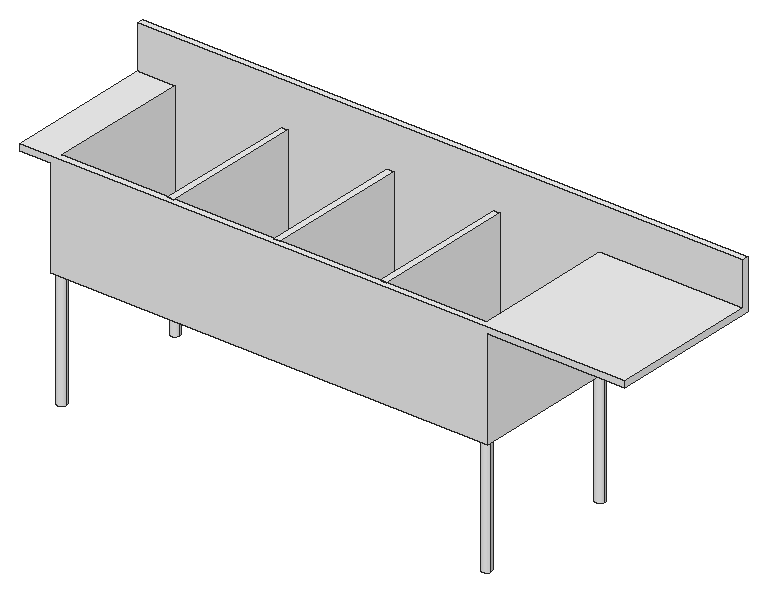
Revit family "224200 - Commercial Plumbing Fixtures - 4 Compartment Sink", category Plumbing Fixtures, Revit 2020
Family settings
  Round Connector Dimension = Use Diameter
  Part Type = Normal
  Work Plane-Based = No
  Always vertical = Yes
  Cut with Voids When Loaded = No
  Shared = No
  Room Calculation Point = No
Parameters (values of type "4 COMPARTMENT SINK")
  Width_Combined Width = 3' - 7.47182"
  Width = 2' - 1"
  Tray Length - Right = 1' - 11.13909"
  Tray Length - Left = 0' - 6"
  Material = 4 COMPARTMENT SINK
  Length = 8' - 2"
  Inset - front/back = 0' - 1"
  Height = 3' - 0"
  Default Elevation = 0' - 0"
  Backsplash Height = 0' - 7"
Reference planes (in)
  plane 1 "Center (Front/Back)": y = 0
  plane 2: z = 0
  plane 3 "Center (Left/Right)": x = 0
  plane 4: y = 25
  plane 5: x = -98
  plane 6: y = 24
  plane 7: y = 1
  plane 8: x = -22.13909
  plane 9: x = -93
  plane 10: x = -92
  plane 11: x = -23.13909
  plane 12: x = -74.78477
  plane 13: x = -40.35432
  plane 14: x = -73.78477
  plane 15: x = -39.35432
  plane 16: x = -83.39239
  plane 17: x = -31.2467
  plane 18: y = 12.5
  plane 19: z = 36
  plane 20: z = 20
  plane 21: z = 19
  plane 22: z = 43
  plane 23: x = -57.56954
  plane 24: x = -56.56954
  plane 25: x = -65.67716
  plane 26: x = -48.46193
Forms (in)
  Extrusion 1, solid, material "4 COMPARTMENT SINK" <- "Material"
    sketch origin (0.75, -11, 0) x (1, 0, 0) y (0, 1, 0)
      loop
        line (-22.88909, 36) -> (-93.75, 36) -> (-93.75, 11) -> (-22.88909, 11) -> (-22.88909, 36)
    from 19 to 36
  Extrusion 2, void
    sketch origin (0.75, -11, 0) x (1, 0, 0) y (0, 1, 0)
      loop
        line (-92.75, 35) -> (-92.75, 12) -> (-23.88909, 12) -> (-23.88909, 35) -> (-92.75, 35)
    from 20 to 36
  Extrusion 3, solid, material "4 COMPARTMENT SINK" <- "Material"
    sketch origin (-105.57325, -180, 36) x (-1, 0, 0) y (0, -1, 0)
      loop
        line (-7.57325, -180) -> (-12.57325, -180) -> (-12.57325, -204) -> (-7.57325, -204) -> (-7.57325, -180)
    from 0 to -1
  Extrusion 4, solid, material "4 COMPARTMENT SINK" <- "Material"
    sketch origin (-1.25, -11, 18) x (1, 0, 0) y (0, 1, 0)
      loop
        line (-73.53477, 35) -> (-73.53477, 12) -> (-72.53477, 12) -> (-72.53477, 35) -> (-73.53477, 35)
    from 2 to 18
  Extrusion 5, solid, material "4 COMPARTMENT SINK" <- "Material"
    sketch origin (17.5, -11, 0) x (1, 0, 0) y (0, 1, 0)
      loop
        line (-57.85432, 35) -> (-57.85432, 12) -> (-56.85432, 12) -> (-56.85432, 35) -> (-57.85432, 35)
    from 20 to 36
  Extrusion 6, solid, material "4 COMPARTMENT SINK" <- "Material"
    sketch origin (56, -11, 0) x (1, 0, 0) y (0, 1, 0)
      loop
        circle (-79.13909, 35) r 0.75
      loop
        circle (-79.13909, 12) r 0.75
      loop
        circle (-148, 12) r 0.75
      loop
        circle (-148, 35) r 0.75
    from 19 to 0
  Extrusion 7, solid, material "4 COMPARTMENT SINK" <- "Material"
    sketch origin (-105.57325, -180, 36) x (-1, 0, 0) y (0, -1, 0)
      loop
        line (-7.57325, -205) -> (-7.57325, -204) -> (-105.57325, -204) -> (-105.57325, -205) -> (-7.57325, -205)
    from -1 to 7
  Extrusion 8, void
    sketch origin (-7.22323, -11.29189, 0) x (1, 0, 0) y (0, 1, 0)
      loop
        circle (-76.16915, 23.79189) r 1.5
    from 0 to 20
  Extrusion 9, void
    sketch origin (35.30876, 35.29189, 0) x (1, 0, 0) y (0, 1, 0)
      loop
        circle (-66.55546, -22.79189) r 1.5
    from 0 to 20
  Extrusion 10, solid, material "4 COMPARTMENT SINK" <- "Material"
    sketch origin (-105.57325, -180, 36) x (-1, 0, 0) y (0, -1, 0)
      loop
        line (-82.43416, -180) -> (-105.57325, -180) -> (-105.57325, -204) -> (-82.43416, -204) -> (-82.43416, -180)
    from 0 to -1
  Extrusion 11, solid, material "4 COMPARTMENT SINK" <- "Material"
    sketch origin (14.75, -11, 0) x (1, 0, 0) y (0, 1, 0)
      loop
        line (-72.31954, 35) -> (-72.31954, 12) -> (-71.31954, 12) -> (-71.31954, 35) -> (-72.31954, 35)
    from 20 to 36
  Extrusion 12, void
    sketch origin (3.52677, -11.29189, 0) x (1, 0, 0) y (0, 1, 0)
      loop
        circle (-69.20392, 23.79189) r 1.5
    from 0 to 20
  Extrusion 13, void
    sketch origin (25.73481, 35.29189, 0) x (1, 0, 0) y (0, 1, 0)
      loop
        circle (-74.19675, -22.79189) r 1.5
    from 0 to 20
Cuts and joins
  Extrusion 2, Extrusion 8, Extrusion 9, Extrusion 12, Extrusion 13 cuts Extrusion 1
  Extrusion 12, Extrusion 13 cuts Extrusion 3
  Extrusion 12, Extrusion 13 cuts Extrusion 7
  Extrusion 12, Extrusion 13 cuts Extrusion 10
  joined: Extrusion 1, Extrusion 3, Extrusion 7, Extrusion 10
  Extrusion 13 cuts Extrusion 11
Dimensions and locks (in)
  "Width": plane 1 "Center (Front/Back)" to plane 4
  locked: Extrusion 7 sketch curve to Extrusion 7 sketch curve at 1
  "Tray Length - Left": plane 5 to plane 10
  "Tray Length - Right": plane 11 to plane 3 "Center (Left/Right)"
  "Inset - front/back": plane 7 to plane 1 "Center (Front/Back)"
  "Inset - front/back": plane 4 to plane 6
  "Inset - front/back": plane 11 to plane 8
  "Inset - front/back": plane 9 to plane 10
  equal spacing: plane 10, plane 12, plane 23, plane 13, plane 11
  plane 14 to plane 15 = 2' - 10.43046"
  "Inset - front/back": plane 12 to plane 14
  "Inset - front/back": plane 13 to plane 15
  equal spacing: plane 1 "Center (Front/Back)", plane 18, plane 4
  equal spacing: plane 10, plane 16, plane 12
  equal spacing: plane 15, plane 17, plane 11
  "Height": plane 19 to plane 2
  plane 19 to plane 20 = 1' - 4"
  "Inset - front/back": plane 20 to plane 21
  "Length": plane 5 to plane 3 "Center (Left/Right)"
  "Backsplash Height": plane 22 to plane 19
  "Inset - front/back": plane 23 to plane 24
  equal spacing: plane 14, plane 25, plane 23
  equal spacing: plane 24, plane 26, plane 13
  aligned and locked: Extrusion 3 to plane 5
  aligned and locked: Extrusion 7 to plane 5
  aligned and locked: Extrusion 7 to plane 4
  aligned and locked: plane 9 to Extrusion 3
  aligned and locked: Extrusion 1 to Extrusion 3
  aligned and locked: cut or joined group 1 (Extrusion 1, Extrusion 2, Extrusion 3, Extrusion 7, Extrusion 8, Extrusion 9, Extrusion 10, Extrusion 12, Extrusion 13) to plane 4
  aligned and locked: plane 8 to cut or joined group 1
  aligned and locked: cut or joined group 1 to plane 10
  aligned and locked: plane 6 to cut or joined group 1
  aligned and locked: plane 11 to cut or joined group 1
  aligned and locked: plane 6 to Extrusion 5
  aligned and locked: plane 6 to Extrusion 4
  aligned and locked: Extrusion 4 to plane 12
  aligned and locked: Extrusion 5 to plane 13
  aligned and locked: plane 15 to Extrusion 5
  aligned and locked: plane 16 to Extrusion 8 sketch curve
  aligned and locked: plane 17 to Extrusion 9 sketch curve
  aligned and locked: plane 18 to Extrusion 8 sketch curve
  aligned and locked: plane 18 to Extrusion 9 sketch curve
  aligned and locked: plane 6 to Extrusion 6 sketch curve
  aligned and locked: plane 11 to Extrusion 6 sketch curve
  aligned and locked: cut or joined group 1 to Extrusion 4
  aligned and locked: cut or joined group 1 to Extrusion 5
  aligned and locked: plane 19 to cut or joined group 1  (x2)
  aligned and locked: plane 19 to Extrusion 5
  aligned and locked: Extrusion 2 to plane 20
  aligned and locked: plane 20 to cut or joined group 1  (x2)
  aligned and locked: cut or joined group 1 to plane 21
  aligned and locked: plane 21 to Extrusion 6
  aligned and locked: Extrusion 6 to level
  aligned and locked: plane 22 to cut or joined group 1
  aligned and locked: Extrusion 3 sketch curve to plane 6
  aligned and locked: plane 3 "Center (Left/Right)" to Extrusion 10 sketch curve
  aligned and locked: plane 11 to Extrusion 10 sketch curve
  aligned and locked: Extrusion 11 to plane 23
  aligned and locked: plane 24 to Extrusion 11
  aligned and locked: plane 25 to Extrusion 12 sketch curve
  aligned and locked: plane 26 to Extrusion 13 sketch curve
Automatic sketch dimensions
  plane 4 to Extrusion 1 sketch curve = 0' - 0"
  Extrusion 1 sketch curve to plane 9 = 0' - 0"
  plane 1 "Center (Front/Back)" to Extrusion 1 sketch curve = 0' - 0"
  Extrusion 1 sketch curve to plane 8 = 0' - 0"
  Extrusion 2 sketch curve to plane 7 = 0' - 0"
  Extrusion 2 sketch curve to plane 10 = 0' - 0"
  Extrusion 2 sketch curve to plane 6 = 0' - 0"
  Extrusion 2 sketch curve to plane 11 = 0' - 0"
  Extrusion 3 sketch curve to plane 9 = 0' - 0"
  Extrusion 3 sketch curve to plane 1 "Center (Front/Back)" = 0' - 0"
  Extrusion 3 sketch curve to plane 5 = 0' - 0"
  Extrusion 4 sketch curve to plane 7 = 0' - 0"
  Extrusion 4 sketch curve to plane 12 = 0' - 0"
  Extrusion 4 sketch curve to plane 6 = 0' - 0"
  Extrusion 4 sketch curve to plane 14 = 0' - 0"
  Extrusion 5 sketch curve to plane 7 = 0' - 0"
  Extrusion 5 sketch curve to plane 13 = 0' - 0"
  Extrusion 5 sketch curve to plane 6 = 0' - 0"
  Extrusion 5 sketch curve to plane 15 = 0' - 0"
  Extrusion 6 sketch curve to plane 7 = 0' - 0"  (x2)
  Extrusion 6 sketch curve to plane 10 = 0' - 0"  (x2)
  Extrusion 6 sketch curve to plane 6 = 0' - 0"
  Extrusion 6 sketch curve to plane 11 = 0' - 0"
  Extrusion 7 sketch curve to plane 3 "Center (Left/Right)" = 0' - 0"
  Extrusion 7 sketch curve to plane 5 = 0' - 0"
  plane 4 to Extrusion 7 sketch curve = 0' - 0"
  Extrusion 10 sketch curve to plane 6 = 0' - 0"
  plane 1 "Center (Front/Back)" to Extrusion 10 sketch curve = 0' - 0"
  Extrusion 11 sketch curve to plane 7 = 0' - 0"
  Extrusion 11 sketch curve to plane 23 = 0' - 0"
  Extrusion 11 sketch curve to plane 6 = 0' - 0"
  Extrusion 11 sketch curve to plane 24 = 0' - 0"
  Extrusion 12 sketch curve to plane 18 = 0' - 0"
  Extrusion 13 sketch curve to plane 18 = 0' - 0"
  radius of Extrusion 6 sketch curve = 0' - 0 3/4"  (x4)
  radius of Extrusion 8 sketch curve = 0' - 1 1/2"
  radius of Extrusion 9 sketch curve = 0' - 1 1/2"
  radius of Extrusion 12 sketch curve = 0' - 1 1/2"
  radius of Extrusion 13 sketch curve = 0' - 1 1/2"
